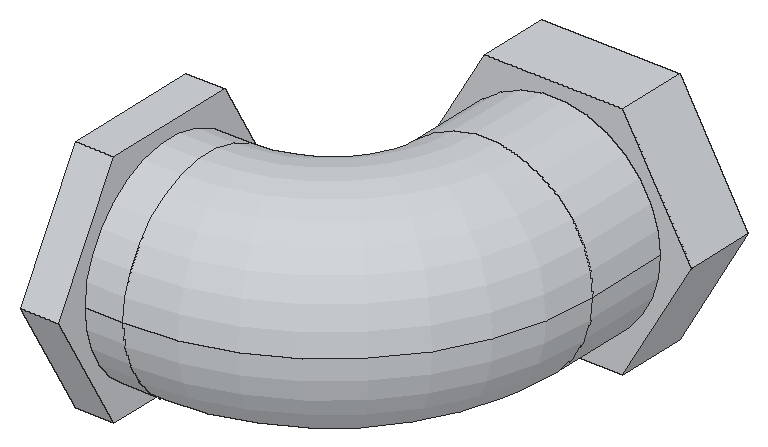
Revit family "M_Conector do conduíte de 90 graus - Compressão - Zinco fundido", category Conexões do conduite, Revit 2019
Family settings
  Cota do conector redondo = Usar raio
  Tipo de parte = Múltiplas portas
  Número OmniClass = 23.80.30.17.11
  Título OmniClass = Conduits
  ID de item do Seek = Conduit Connector 90 Deg - Compression - Die Cast Zinc-0000-CAN-ENU
  Com base no plano de trabalho = Não
  Sempre na vertical = Sim
  Corte com vazios quando carregada = Não
  Compartilhado = Não
Parameters (values of type "Padrão")
  Raio 2 [instance] = 0.75 * Comprimento 1  # 5.953 mm
  Raio 1 [instance] = 0.5 * Comprimento 1  # 3.969 mm
  Raio nominal [instance] = 8 mm
  Diâmetro nominal [instance] = Raio nominal * 2  # 16 mm
  Comprimento 8 [instance] = Comprimento 3 * sin(30.00°)  # 7.739 mm
  Comprimento 7 [instance] = Comprimento 3 * cos(30.00°)  # 13.404 mm
  Comprimento 5 [instance] = if(Centro ao final - 0.5 * Centro ao final < Raio externo final, Raio externo final + 3.175 mm, Centro ao final - 0.5 * Centro ao final)  # 17.399 mm
  Comprimento 4 [instance] = Centro ao final - Comprimento 5  # 17.399 mm
  Comprimento 3 [instance] = 1.3 * Raio externo final  # 15.478 mm
  Comprimento 2 [instance] = 0.15 * Raio externo final  # 1.786 mm
  Comprimento da rosca [instance] = Comprimento 4 * 0.5  # 8.7 mm
  Comprimento 6 [instance] = Comprimento 4 - Comprimento da rosca  # 8.7 mm
  Comprimento 1 [instance] = Diâmetro externo final / 3  # 7.938 mm
  Raio externo final [instance] = Diâmetro externo final / 2  # 11.906 mm
  Diâmetro externo final [instance] = size_lookup(Pesquisa de tamanho de conduite, "EOD", 1.22 * Diâmetro nominal + 6.35 mm, Diâmetro nominal)  # 23.813 mm
  Pesquisa de tamanho de conduite = "M_Conduit Connector 90 Deg - Compression - Die Cast Zinc"
  Centro ao final [instance] = size_lookup(Pesquisa de tamanho de conduite, "CtE", 1.96 * Diâmetro nominal + 9.922 mm, Diâmetro nominal)  # 34.798 mm
Reference planes
  plane 1 "Centro (Frente/Trás)": y = 0
  plane 2: z = 0
  plane 3 "Centro (Esquerda/Direita)": x = 0
  plane 4: x = 8.7
  plane 5: x = 4.35
  plane 6: y = 17.399
  plane 7: y = 34.798
  plane 8: z = 13.404
  plane 9: z = -13.404
  plane 10: y = 15.478
  plane 11: y = -15.478
  plane 12: y = 7.739
  plane 13: y = -7.739
  plane 14: y = 26.86
  plane 15: x = 26.099
  plane 16: y = -11.906
  plane 17: x = 10.62
  plane 18: x = 41.577
  plane 19: x = 18.359
  plane 20: x = 33.838
Forms (mm)
  Sweep 1, solid, detail levels fine
    path in 3D
      loop
        line (4.35, 0, 0) -> (8.7, 0, 0)
        arc (8.7, 0, 0) -> (21.002, 5.096, 0) -> (26.099, 17.399, 0) r 17.399
        line (26.099, 17.399, 0) -> (26.099, 34.798, 0)
    profile origin (6.525, 0, 0) x (0, 1, 0) y (0, 0, 1)
      loop
        circle (0, 0) r 11.906
  Extrusion 2, solid, detail levels fine
    sketch origin (0, 0, 0) x (0, 1, 0) y (0, 0, 1)
      loop
        line (7.739, 13.404) -> (-7.739, 13.404) -> (-15.478, 0) -> (-7.739, -13.404) -> (7.739, -13.404) -> (15.478, 0) -> (7.739, 13.404)
    from 0 to 4.35
  Extrusion 3, solid, detail levels fine
    sketch origin (0, 0, 0) x (0, 1, 0) y (0, 0, 1)
      loop
        circle (0, 0) r 3.175
    from 0 to 4.35
  Extrusion 4, solid, detail levels fine
    sketch origin (0, 0, 0) x (1, 0, 0) y (0, 0, 1)
      loop
        line (18.359, 13.404) -> (10.62, 0) -> (18.359, -13.404) -> (33.838, -13.404) -> (41.577, 0) -> (33.838, 13.404) -> (18.359, 13.404)
    from -34.798 to -26.861
Cuts and joins
  joined: Sweep 1, Extrusion 2, Extrusion 3, Extrusion 4
Lines and regions (mm)
  model lines, detail levels coarse+medium
    curve 1: line (4.35, 0, 0) -> (8.7, 0, 0)
    curve 2: arc (8.7, 0, 0) -> (21.002, 5.096, 0) -> (26.099, 17.399, 0) r 17.399
    curve 3: line (26.099, 17.399, 0) -> (26.099, 34.798, 0)
    curve 7: line (0, 0, 0) -> (4.35, 0, 0)
  sketch lines
    curve 4: line (4.35, 0, 0) -> (8.7, 0, 0)
    curve 5: arc (8.7, 0, 0) -> (21.002, 5.096, 0) -> (26.099, 17.399, 0) r 17.399
    curve 6: line (26.099, 17.399, 0) -> (26.099, 34.798, 0)
Dimensions and locks
  "Comprimento 6": plane 3 "Centro (Esquerda/Direita)" to plane 4
  equal spacing: plane 3 "Centro (Esquerda/Direita)", plane 5, plane 4
  "Comprimento 5": plane 6 to plane 1 "Centro (Frente/Trás)"
  "Comprimento 4": plane 7 to plane 6
  "Comprimento 7": plane 8 to plane 2
  equal spacing: plane 8, plane 2, plane 9
  "Comprimento 3": plane 10 to plane 1 "Centro (Frente/Trás)"
  equal spacing: plane 10, plane 1 "Centro (Frente/Trás)", plane 11
  "Comprimento 8": plane 12 to plane 1 "Centro (Frente/Trás)"
  equal spacing: plane 12, plane 1 "Centro (Frente/Trás)", plane 13
  "Comprimento 3": curve 2 to Extrusion 2 sketch curve
  "Comprimento 3": Extrusion 2 sketch curve to plane 1 "Centro (Frente/Trás)"
  "Comprimento 1": plane 7 to plane 14
  "Comprimento 5": plane 4 to plane 15
  "Raio externo final": plane 16 to plane 1 "Centro (Frente/Trás)"  (x2)
  "Comprimento 3": plane 15 to plane 17
  equal spacing: plane 18, plane 15, plane 17
  "Comprimento 8": plane 15 to plane 19
  equal spacing: plane 20, plane 15, plane 19
  "Comprimento 3": curve 3 to Extrusion 4 sketch curve
  "Comprimento 5": radius of curve 2
  "Raio externo final": radius of Sweep 1 sketch curve
  radius of Extrusion 3 sketch curve = 3.175 mm
  locked: curve 2 to curve 2 (angle 90.00°)
  aligned and locked: plane 1 "Centro (Frente/Trás)" to curve 1
  aligned and locked: plane 6 to curve 2
  aligned and locked: plane 4 to curve 2
  aligned and locked: plane 7 to curve 3
  aligned and locked: plane 6 to curve 3
  aligned and locked: Extrusion 2 sketch curve to plane 8
  aligned and locked: plane 8 to Extrusion 2 sketch curve
  aligned and locked: plane 11 to Extrusion 2 sketch curve
  aligned and locked: plane 2 to Extrusion 2 sketch curve  (x2)
  aligned and locked: plane 13 to Extrusion 2 sketch curve  (x2)
  aligned and locked: plane 9 to Extrusion 2 sketch curve
  aligned and locked: plane 12 to Extrusion 2 sketch curve
  aligned and locked: Extrusion 2 to plane 3 "Centro (Esquerda/Direita)"
  aligned and locked: plane 5 to Extrusion 2
  aligned and locked: plane 3 "Centro (Esquerda/Direita)" to curve 7
  aligned and locked: plane 5 to curve 7
  aligned and locked: plane 1 "Centro (Frente/Trás)" to curve 7
  aligned and locked: plane 1 "Centro (Frente/Trás)" to Extrusion 3 sketch curve
  aligned and locked: plane 2 to Extrusion 3 sketch curve
  aligned and locked: Extrusion 3 to plane 3 "Centro (Esquerda/Direita)"
  aligned and locked: plane 5 to Extrusion 3
  aligned and locked: plane 19 to Extrusion 4 sketch curve  (x2)
  aligned and locked: plane 20 to Extrusion 4 sketch curve  (x2)
  aligned and locked: plane 8 to Extrusion 4 sketch curve
  aligned and locked: plane 18 to Extrusion 4 sketch curve
  aligned and locked: plane 9 to Extrusion 4 sketch curve  (x2)
  aligned and locked: plane 2 to Extrusion 4 sketch curve  (x2)
  aligned and locked: plane 17 to Extrusion 4 sketch curve
  aligned and locked: plane 7 to Extrusion 4
  aligned and locked: Extrusion 4 to plane 14
Automatic sketch dimensions
  Sweep 1 sketch curve to profile plane = 0 mm  (x2)
  Extrusion 2 sketch curve to plane 10 = 0 mm
Connectors
  cabletrayconduit at (0, 0, 0), diameter 16, driven by "Raio nominal"
    settings: on Extrusion 3, index 1, connector width 304.8 mm, connector height 304.8 mm, connector angle 0.00°, system type 32, placement type 0, profile type 0, connector reference index 2, is primary connector yes, connector utility param no, connector description ""
  cabletrayconduit at (26.099, 34.798, 0), diameter 16, driven by "Raio nominal"
    settings: on cut or joined group of Sweep 1, Extrusion 2, Extrusion 3, Extrusion 4, index 2, connector width 304.8 mm, connector height 304.8 mm, connector angle 0.00°, system type 32, placement type 0, profile type 0, connector reference index 1, is primary connector no, connector utility param no, connector description ""
